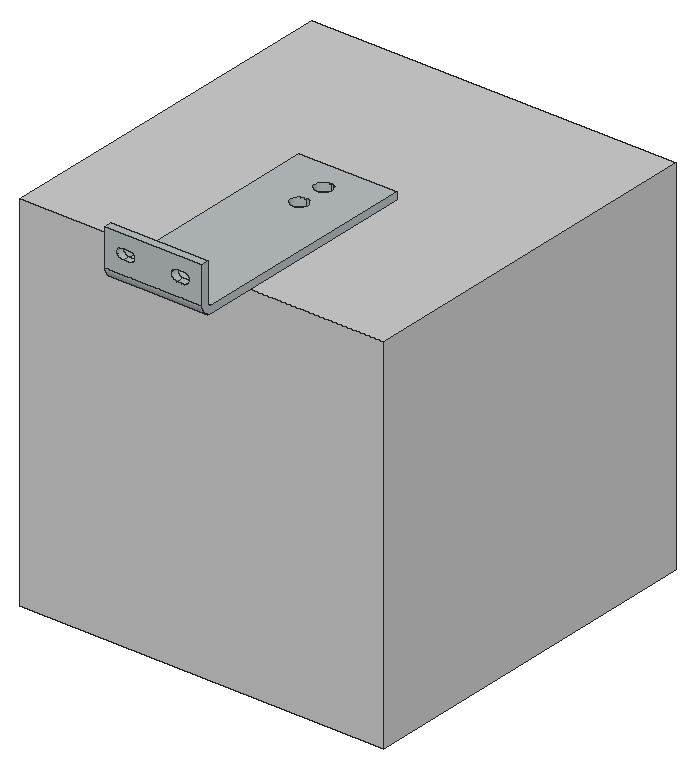
Revit family "REC-PA200406R", category Structural Connections, host Face, Revit 2024
Family settings
  Host = Face
  Material for Model Behavior = Steel
  Enable Cutting in Views = Yes
  Cut with Voids When Loaded = Yes
  Shared = No
Parameters (values of type "PA200406R")
  Visible = yes
  URL_Product_(Producto) = ""
  URL_DataSheet_(FichaTecnica) = ""
  URL_CE_Marking_(MarcadoCE) = ""
  Type IFC Predefined Type = "Brackets"
  Type Comments = ""
  URL = "https://recense.com/"
  Model = "PA200406R"
  Manufacturer = "RECENSE"
  Keynote_ESP = "Sistema antivuelco para paneles de hormigón GRC tipo STUD FRAME."
  Keynote = "Anti-tilt system for GRC concrete panels type STUD FRAME."
  IFCExportType = Classification.Uniclass.Pr.Description  # "Carbon steel anchor plates"
  IFCExportAs = "IfcElementAssembly"
  Fecha de Creacion: = "01/03/2024"
  Fecha Ultima Revision: = "01/03/2024"
  Export Type to IFC As = "IfcElementAssembly"
  Description_ESP = "Pletina angular 200x40x80x6 mm  2 ranuras 15x9 mm."
  Description = "Angle plate 200x40x40x80x6 mm 2 slotted holes 15x9 mm."
  Default Elevation = 0.0 mm
  Creado por: = "Deliprogal SL"
  Cost = 0
  Classification.Uniclass.Ss.Number = ""
  Classification.Uniclass.Ss.Description = ""
  Classification.Uniclass.Pr.Number = "Pr_20_29_03_10"
  Classification.Uniclass.Pr.Description = "Carbon steel anchor plates"
  Classification.Uniclass.EF.Number = ""
  Classification.Uniclass.EF.Description = ""
  Classification.Space.Number = ""
  Classification.Space.Description = ""
  Classification.Facility.Number = ""
  Classification.Facility.Description = ""
  Assembly Code = ""
Reference planes
  plane 1 "Center (Front/Back)": y = 0
  plane 2: z = 0
  plane 3 "Center (Left/Right)": x = 0
Forms (mm)
  Extrusion 1, solid, material "REC_Base"
    sketch origin (0, -719.2, 0) x (1, 0, 0) y (0, 1, 0)
      loop
        line (-150, 869.2) -> (-150, 569.2) -> (150, 569.2) -> (150, 869.2) -> (-150, 869.2)
    from 0 to -300
  Extrusion 2, solid, material "REC_Acero, S 275JR (Zincado)"
    sketch origin (40, 0, 0) x (0, -1, 0) y (0, 0, 1)
      loop
        line (0, 6) -> (0, 0) -> (190, 0)
        arc (190, 0) -> (197.071, 2.929) -> (200, 10) r 10
        line (200, 10) -> (200, 40) -> (194, 40) -> (194, 10)
        arc (194, 10) -> (192.828, 7.172) -> (190, 6) r 4
        line (190, 6) -> (0, 6)
    from 0 to 80
  Extrusion 3, void
    sketch origin (40, -100, 126) x (0, -1, 0) y (-1, 0, 0)
      loop
        circle (-75, 40) r 7
      loop
        circle (-50, 40) r 7
    from 120 to 126
  Extrusion 4, void
    sketch origin (40, -194, 20) x (1, 0, 0) y (0, 0, 1)
      loop
        line (-65.5, 0.5) -> (-59.5, 0.5)
        arc (-59.5, 0.5) -> (-55, 5) -> (-59.5, 9.5) r 4.5
        line (-59.5, 9.5) -> (-65.5, 9.5)
        arc (-65.5, 9.5) -> (-70, 5) -> (-65.5, 0.5) r 4.5
      loop
        line (-20.5, 0.5) -> (-14.5, 0.5)
        arc (-14.5, 0.5) -> (-10, 5) -> (-14.5, 9.5) r 4.5
        line (-14.5, 9.5) -> (-20.5, 9.5)
        arc (-20.5, 9.5) -> (-25, 5) -> (-20.5, 0.5) r 4.5
    from 0 to 6
Cuts and joins
  Extrusion 3, Extrusion 4 cuts Extrusion 2
Dimensions and locks
  aligned and locked: plane 2 to Extrusion 1
  aligned and locked: level to Extrusion 1
